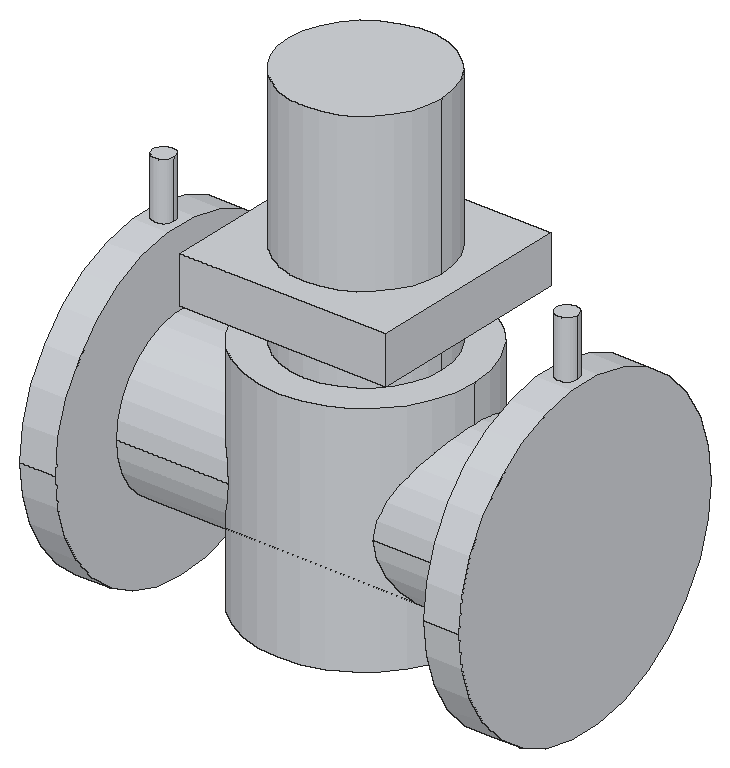
Revit family "PV_Compact_PN25_DN050_(20-100kPa)_RFA_2018", category Pipe Accessories, Revit 2018
Family settings
  Round Connector Dimension = Use Diameter
  Part Type = Valve - Breaks Into
  Work Plane-Based = No
  Always vertical = Yes
  Cut with Voids When Loaded = No
  Shared = No
Parameters (values of type "PV Compact PN25 DN050 (20-100kPa)")
  magiProductId = "c83fbc6219d94d148ccf13b963e54b"
  magiProductFamilyId = "7c5767a2a396495b8f1e69654734b4"
  magiPartTypeId = 304
  isMeasuringValve [instance] = no
  ang2D [instance] = 0.00°
  W2D = 50 mm
  VersionID = "2.0/2018.12.13.2/FRESE_PV_COMPACT_BIG_Q13_001"
  Use Minimum Symbol Size [instance] = no
  URL = "www.hydronic.cz"
  Type Comments = "PŘÍRUBOVÝ; PN25; dpmax=1000kPa; -10~+120°C"
  R4 = 40.25 mm
  R3 = 42.9 mm
  R1 = 57.5 mm
  QmdConnectorList = "301;D;302;D"
  Productdata [instance] = ""
  Manufacturer = "Hydronic Systems Prague s.r.o."
  Maintenance Zone Under Depth [instance] = 100 mm
  Maintenance Zone Right Depth [instance] = 100 mm
  Maintenance Zone Over Depth [instance] = 100 mm
  Maintenance Zone Left Depth [instance] = 100 mm
  Maintenance Zone Front Depth [instance] = 100 mm
  Maintenance Zone Back Depth [instance] = 100 mm
  Maintenance Zone Front Visibility [instance] = no
  MC Use Limits From Balancing Method = no
  MC Throttling Minimum Value = 0
  MC Throttling Maximum Value = 0
  MC Product Code = "53-3320 DN050 PN25; nastavitelný rozsah dp=20~100kPa; Q=3,2~13,0 m3/h;  kvs=29"
  MC Pressure Drop Minimum Value = 0.0 Pa
  MC Pressure Drop Maximum Value = 0.0 Pa
  MC Piping Given Pressure Drop [instance] = 0.0 Pa
  LF__ve = -LF  # -18.4 mm
  LF2 = 9.2 mm
  LF = 18.4 mm
  L4 = 108.1 mm
  L3 = 193.2 mm
  L2D_Min = 30.48 mm
  L2D = 230 mm
  L2 = 115 mm
  H6 = 82.25 mm
  H4 = 24.75 mm
  H3 = 20.625 mm
  H2 = 61.875 mm
  H1 = 123.75 mm
  Description = "Nastavitelný regulátor tlakové diference"
  DF2 = 82.5 mm
  D = 50 mm
  Clearance Zone Height Depth [instance] = 100 mm
  Clearance Zone Circular Radius [instance] = 115 mm
  Clearance Zone Visibility [instance] = no
  CAT0 = yes
Types (7, lengths in mm): name | magiProductId | Type Comments | R4 | R3 | R1 | MC Product Code | LF__ve | LF2 | LF | L4 | L3 | L2 | H6 | H4 | H3 | H2 | H1 | DF2 | D | Clearance Zone Circular Radius
  PV Compact PN25 DN050 (20-100kPa) | "c83fbc6219d94d148ccf13b963e54b" | "PŘÍRUBOVÝ; PN25; dpmax=1000kPa; -10~+120°C" | 40.25 | 42.9 | 57.5 | "53-3320 DN050 PN25; nastavitelný rozsah dp=20~100kPa; Q=3,2~13,0 m3/h;  kvs=29" | -18.4 | 9.2 | 18.4 | 108.1 | 193.2 | 115 | 82.25 | 24.75 | 20.625 | 61.875 | 123.75 | 82.5 | 50 | 115
  PV Compact PN25 DN065 (20-100kPa) | "130d70b5f9404660882d0b277b908a" | "PŘÍRUBOVÝ; PN25; dpmax=1000kPa; -10~+120°C" | 50.75 | 48.1 | 72.5 | "53-3323 DN065 PN25; nastavitelný rozsah dp=20~100kPa; Q=4,7~18,8 m3/h;  kvs=42" | -23.2 | 11.6 | 23.2 | 136.3 | 243.6 | 145 | 105.25 | 27.75 | 23.125 | 69.375 | 138.75 | 92.5 | 65 | 145
  PV Compact PN25 DN080 (20-100kPa) | "a1826ed98cb744f2bf0249353d27a7" | "PŘÍRUBOVÝ; PN25; dpmax=1000kPa; -10~+120°C" | 54.25 | 52 | 77.5 | "53-3326 DN080 PN25; nastavitelný rozsah dp=20~100kPa; Q=7,5~30,0 m3/h;  kvs=67" | -24.8 | 12.4 | 24.8 | 145.7 | 260.4 | 155 | 141 | 30 | 25 | 75 | 150 | 100 | 80 | 155
  PV Compact PN25 DN100 (20-100kPa) | "7cf36ffc9d0642d6874cd3d421d477" | "PŘÍRUBOVÝ; PN25; dpmax=1000kPa; -10~+120°C" | 61.25 | 61.1 | 87.5 | "53-3329 DN100 PN25; nastavitelný rozsah dp=20~100kPa; Q=12,9~51,4 m3/h;  kvs=115" | -28 | 14 | 28 | 164.5 | 294 | 175 | 234.75 | 35.25 | 29.375 | 88.125 | 176.25 | 117.5 | 100 | 175
  PV Compact PN25 DN125 (20-100kPa) | "79fb1938054147a099bb761cc75d0a" | "PŘÍRUBOVÝ; PN25; dpmax=1000kPa; -10~+120°C" | 70 | 70.2 | 100 | "53-3332 DN125 PN25; nastavitelný rozsah dp=20~100kPa; Q=19,0~76,0 m3/h;  kvs=170" | -32 | 16 | 32 | 188 | 336 | 200 | 225.5 | 40.5 | 33.75 | 101.25 | 202.5 | 135 | 125 | 200
  PV Compact PN25 DN150 (20-100kPa) | "9089b5560db447c5b770287446c8b2" | "PŘÍRUBOVÝ; PN25; dpmax=1000kPa; -10~+110°C" | 84 | 74.1 | 120 | "53-3335 DN150 PN25; nastavitelný rozsah dp=20~100kPa; Q=28,0~112 m3/h;  kvs=250" | -38.4 | 19.2 | 38.4 | 225.6 | 403.2 | 240 | 256.25 | 42.75 | 35.625 | 106.875 | 213.75 | 142.5 | 150 | 240
  PV Compact PN25 DN200 (20-100kPa) | "21d4a96559b243fabb2a9fe74f4fa1" | "PŘÍRUBOVÝ; PN25; dpmax=1000kPa; -10~+110°C" | 105 | 98.8 | 150 | "53-3338 DN200 PN25; nastavitelný rozsah dp=20~100kPa; Q=30,7~123 m3/h;  kvs=275" | -48 | 24 | 48 | 282 | 504 | 300 | 150 | 57 | 47.5 | 142.5 | 285 | 190 | 200 | 300
Reference planes
  plane 1 "Center (Front/Back)": y = 0
  plane 2 "XYPLANE": z = 0
  plane 3 "Center (Left/Right)": x = 0
  plane 4 "257": y = -82.5
  plane 5 "256": y = 82.5
  plane 6 "255": z = -82.5
  plane 7 "254": y = -182.5
  plane 8 "253": y = 182.5
  plane 9 "252": x = -215
  plane 10 "251": x = 215
  plane 11 "250": z = 289.5
  plane 12 "249": z = -182.5
  plane 13 "248": z = 289.5
  plane 14 "247": z = 189.5
  plane 15 "157": x = 105.8
  plane 16 "156": x = -105.8
  plane 17 "155": z = 82.5
  plane 18 "154": z = 107.25
  plane 19 "153": z = 82.5
  plane 20 "152": z = 61.875
  plane 21 "151": x = -96.6
  plane 22 "150": z = -61.875
  plane 23 "149": x = 0
  plane 24 "148": y = 0
  plane 25 "147": z = 0
  plane 26 "146": x = -115
  plane 27 "145": x = 115
Forms (mm)
  Blend 1, solid, visible <- "Maintenance Zone Front Visibility"
    base sketch origin (-750, 0, -182.5) x (1, 0, 0) y (0, 1, 0)
      loop
        line (535, 182.5) -> (535, -182.5) -> (965, -182.5) -> (965, 182.5) -> (535, 182.5)
    top sketch origin (-750, 0, -182.5) x (1, 0, 0) y (0, 1, 0)
      loop
        line (535, 182.5) -> (535, -182.5) -> (965, -182.5) -> (965, 182.5) -> (535, 182.5)
    from 0 to 472
  Blend 2, solid, visible <- "Clearance Zone Visibility"
    base sketch origin (-750, 0, 0) x (1, 0, 0) y (0, 1, 0)
      loop
        circle (750, 0) r 115
    top sketch origin (-750, 0, 0) x (1, 0, 0) y (0, 1, 0)
      loop
        circle (750, 0) r 115
    from 0 to 289.5
  Extrusion 3, solid, visible <- "CAT0"
    sketch origin (-750, 0, 82.5) x (1, 0, 0) y (0, 1, 0)
      loop
        circle (855.8, 0) r 5.5
    from 0 to 30
  Extrusion 4, solid, visible <- "CAT0"
    sketch origin (-750, 0, 82.5) x (1, 0, 0) y (0, 1, 0)
      loop
        circle (644.2, 0) r 5.5
    from 0 to 30
  Extrusion 5, solid
    sketch origin (-750, 0, 107.25) x (1, 0, 0) y (0, 1, 0)
      loop
        circle (750, 0) r 40.25
    from 0 to 82.25 <- "H6"
  Extrusion 6, solid, visible <- "CAT0"
    sketch origin (-750, 0, 82.5) x (1, 0, 0) y (0, 1, 0)
      loop
        line (804.05, 54.05) -> (695.95, 54.05) -> (695.95, -54.05) -> (804.05, -54.05) -> (804.05, 54.05)
    from 0 to 24.75 <- "H4"
  Extrusion 7, solid, visible <- "CAT0"
    sketch origin (-750, 0, 61.875) x (1, 0, 0) y (0, 1, 0)
      loop
        circle (750, 0) r 40.25
    from 0 to 20.625 <- "H3"
  Extrusion 8, solid, visible <- "CAT0"
    sketch origin (-96.6, -750, 0) x (0, 1, 0) y (0, 0, 1)
      loop
        circle (750, 0) r 42.9
    from 0 to 193.2 <- "L3"
  Extrusion 9, solid, visible <- "CAT0"
    sketch origin (-750, 0, -61.875) x (1, 0, 0) y (0, 1, 0)
      loop
        circle (750, 0) r 57.5
    from 0 to 123.75 <- "H1"
  Extrusion 10, solid, visible <- "CAT0"
    sketch origin (-115, -750, 0) x (0, 1, 0) y (0, 0, 1)
      loop
        circle (750, 0) r 82.5
    from 0 to 18.4 <- "LF"
  Extrusion 11, solid, visible <- "CAT0"
    sketch origin (115, -750, 0) x (0, 1, 0) y (0, 0, 1)
      loop
        circle (750, 0) r 82.5
    from 0 to -18.4 <- "LF__ve"
  Extrusion 12, solid, not visible
    sketch origin (-115, -750, 0) x (0, 1, 0) y (0, 0, 1)
      loop
        circle (750, 0) r 10
    from 0 to 10
  Extrusion 13, solid, not visible
    sketch origin (115, -750, 0) x (0, 1, 0) y (0, 0, 1)
      loop
        circle (750, 0) r 10
    from 0 to -10
Lines and regions (mm)
  reference lines, not visible
    curve 1: circle (2, 2, 0) r 1 normal (0, 0, 1)
  reference lines
    curve 2: circle (0, 0, 82.5) r 1 normal (0, 0, 1)
Dimensions and locks
  plane 1 "Center (Front/Back)" to curve 1 = 2 mm
  "DF2": plane 24 "148" to plane 4 "257"
  "DF2": plane 24 "148" to plane 5 "256"
  "DF2": plane 25 "147" to plane 6 "255"
  "Maintenance Zone Front Depth": plane 4 "257" to plane 7 "254"
  "Maintenance Zone Back Depth": plane 5 "256" to plane 8 "253"
  "Maintenance Zone Left Depth": plane 26 "146" to plane 9 "252"
  "Maintenance Zone Right Depth": plane 27 "145" to plane 10 "251"
  "Maintenance Zone Over Depth": plane 14 "247" to plane 11 "250"
  "Maintenance Zone Under Depth": plane 6 "255" to plane 12 "249"
  "Clearance Zone Height Depth": plane 14 "247" to plane 13 "248"
  "H6": plane 18 "154" to plane 14 "247"
  "LF2": plane 27 "145" to plane 15 "157"
  "LF2": plane 26 "146" to plane 16 "156"
  "DF2": plane 2 "XYPLANE" to plane 17 "155"
  "H4": plane 19 "153" to plane 18 "154"
  "H3": plane 20 "152" to plane 19 "153"
  "H1": plane 22 "150" to plane 20 "152"
  "LF": plane 26 "146" to plane 21 "151"
  "H2": plane 2 "XYPLANE" to plane 22 "150"
  locked: plane 3 "Center (Left/Right)" to plane 23 "149"
  locked: plane 1 "Center (Front/Back)" to plane 24 "148"
  locked: plane 2 "XYPLANE" to plane 25 "147"
  "L2": plane 3 "Center (Left/Right)" to plane 26 "146"
  "L2": plane 3 "Center (Left/Right)" to plane 27 "145"
  Blend 1 sketch curve to Blend 1 sketch curve = 0 mm  (x16)
  equal spacing: Extrusion 6 sketch curve, curve 2, Extrusion 6 sketch curve  (x2)
  "L4": Extrusion 6 sketch curve to Extrusion 6 sketch curve  (x2)
  Extrusion 6 sketch curve to Extrusion 6 sketch curve = 0 mm  (x8)
  "Clearance Zone Circular Radius": radius of Blend 2 sketch curve  (x2)
  "R4": radius of Extrusion 5 sketch curve
  "R4": radius of Extrusion 7 sketch curve
  "R3": radius of Extrusion 8 sketch curve
  "R1": radius of Extrusion 9 sketch curve
  "DF2": radius of Extrusion 10 sketch curve
  "DF2": radius of Extrusion 11 sketch curve
  aligned and locked: level to plane 2 "XYPLANE"
  aligned and locked: Blend 1 sketch curve to plane 8 "253"  (x2)
  aligned and locked: plane 9 "252" to Blend 1 sketch curve  (x4)
  aligned and locked: plane 10 "251" to Blend 1 sketch curve  (x4)
  aligned and locked: plane 8 "253" to Blend 1 sketch curve  (x2)
  aligned and locked: plane 7 "254" to Blend 1 sketch curve  (x4)
  aligned and locked: plane 11 "250" to Blend 1
  aligned and locked: plane 23 "149" to Blend 2 sketch curve  (x2)
  aligned and locked: plane 24 "148" to Blend 2 sketch curve  (x2)
  aligned and locked: plane 13 "248" to Blend 2
  aligned and locked: plane 15 "157" to Extrusion 3 sketch curve
  aligned and locked: plane 24 "148" to Extrusion 3 sketch curve
  aligned and locked: plane 16 "156" to Extrusion 4 sketch curve
  aligned and locked: plane 24 "148" to Extrusion 4 sketch curve
  aligned and locked: plane 23 "149" to Extrusion 5 sketch curve
  aligned and locked: plane 24 "148" to Extrusion 5 sketch curve
  aligned and locked: plane 23 "149" to curve 2
  aligned and locked: plane 24 "148" to curve 2
  aligned and locked: plane 23 "149" to Extrusion 7 sketch curve
  aligned and locked: plane 24 "148" to Extrusion 7 sketch curve
  aligned and locked: Extrusion 8 sketch curve to plane 24 "148"
  aligned and locked: plane 25 "147" to Extrusion 8 sketch curve
  aligned and locked: plane 23 "149" to Extrusion 9 sketch curve
  aligned and locked: plane 24 "148" to Extrusion 9 sketch curve
  aligned and locked: Extrusion 10 sketch curve to plane 24 "148"
  aligned and locked: plane 25 "147" to Extrusion 10 sketch curve
  aligned and locked: Extrusion 11 sketch curve to plane 24 "148"
  aligned and locked: plane 25 "147" to Extrusion 11 sketch curve
  aligned and locked: Extrusion 12 sketch curve to plane 24 "148"
  aligned and locked: plane 25 "147" to Extrusion 12 sketch curve
  aligned and locked: Extrusion 13 sketch curve to plane 24 "148"
  aligned and locked: plane 25 "147" to Extrusion 13 sketch curve
Automatic sketch dimensions
  Extrusion 3 sketch curve to plane 15 "157" = 5.5 mm
  plane 26 "146" to Extrusion 4 sketch curve = 3.7 mm
  plane 1 "Center (Front/Back)" to Extrusion 12 sketch curve = 10 mm
  plane 1 "Center (Front/Back)" to Extrusion 13 sketch curve = 10 mm
  plane 3 "Center (Left/Right)" to curve 1 = 2 mm
  plane 21 "151" to Extrusion 6 sketch curve = 42.55 mm
  plane 4 "257" to Extrusion 6 sketch curve = 28.45 mm
  radius of curve 2 = 1 mm
  radius of curve 1 = 1 mm
Connectors
  piping at (-115, 0, 0), diameter 50, driven by "D"
    settings: on Extrusion 12, index 1, connector inside diameter 609.6 mm, connector length 0 mm, flow factor 0, pipe flow 0.0 L/s, pressure drop 0.0 Pa, fitting loss kfactor 0, connector angle 0.00°, fixture units 0, engagement length 0 mm, angle of deflection 0.00°, flow configuration 0, flow direction 0, fitting loss method 0, system type 29, joint type 0, gender type 0, connector reference index 2, connector utility 0, adjustable connector no, is connector primary yes, connector description ""
  piping at (115, 0, 0), diameter 50, driven by "D"
    settings: on Extrusion 13, index 2, connector inside diameter 609.6 mm, connector length 0 mm, flow factor 0, pipe flow 0.0 L/s, pressure drop 0.0 Pa, fitting loss kfactor 0, connector angle 0.00°, fixture units 0, engagement length 0 mm, angle of deflection 0.00°, flow configuration 0, flow direction 0, fitting loss method 0, system type 29, joint type 0, gender type 0, connector reference index 1, connector utility 0, adjustable connector no, is connector primary no, connector description ""
